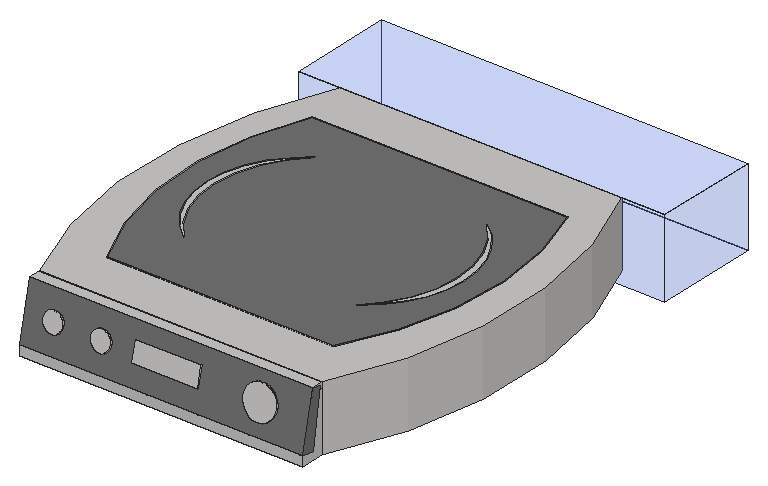
Revit family "QF_Vollrath 59510P", category Specialty Equipment, Revit 2016
Family settings
  Part Type = Normal
  Round Connector Dimension = Use Diameter
  OmniClass Number = 23.40.40.14.17.14
  OmniClass Title = Hot Plates
  Work Plane-Based = No
  Always vertical = Yes
  Cut with Voids When Loaded = No
  Shared = No
  Room Calculation Point = No
Parameters (values of type "59510P")
  Weight in Pounds = 13.65
  Watts = 1400 W
  Watermarked By = "http://revitwatermark.com"
  Volts = 120 V
  URL Cutsheet = ""
  URL = "www.vollrathco.com"
  Status [instance] = ""
  Specification by User [instance] = ""
  Specification by Manufacturer = ""
  Serial Number [instance] = ""
  Seismic Rating [instance] = ""
  Revision Code [instance] = ""
  Phase = 1
  Number of Poles [instance] = 1
  NAFEM Spec ID Number [instance] = ""
  Model = "59510P"
  Masterspec = ""
  Manufacturer = "Vollrath"
  Item Number [instance] = ""
  Installed By [instance] = ""
  Height AFF [instance] = 3' - 0"
  Furnished By [instance] = ""
  Foodservice Equipment Identifier [instance] = yes
  FL Amps = 12 A
  Electrical Remarks [instance] = ""
  Electric Connection Type [instance] = ""
  Elec Conn RI Height [instance] = 0' - 0"
  Elec Conn Connection Height = 0' - 2"
  Description = "Induction Range, Countertop"
  Cycle = 60 Hz
  Conn Plug = "NEMA 5-15P"
  CSI MasterFormat = "11 42 13"
  Assembly Code = "E1090320"
  Apparent Power = if(Phase = 3, Volts * FL Amps * 1.73, Volts * FL Amps)  # 1440 VA
Reference planes (in)
  plane 1: z = 0
  plane 2 "LEFT": x = 48
  plane 3 "BACK": y = -48.065
  plane 4 "BOTTOM": z = 36
  plane 5 "FRONT": y = -63.315
  plane 6 "TOP": z = 39
  plane 7: y = -44.065
  plane 8 "RIGHT": x = 62
  plane 9: z = 36.5
  plane 10: z = 26
  plane 11: x = 50
Forms (in)
  Extrusion 1, solid, material "QF_Finishes_Stainless Steel"
    sketch origin (0, 0, 0) x (1, 0, 0) y (0, 1, 0)
      loop
        line (50.6012, -60.49075) -> (59.26879, -60.49075)
        arc (59.26879, -60.49075) -> (60.7812, -55.30043) -> (59.81973, -49.98043) r 11.79794
        line (59.81973, -49.98043) -> (50.05026, -49.98043)
        arc (50.05026, -49.98043) -> (49.08879, -55.30043) -> (50.6012, -60.49075) r 11.79794
      loop
        line (60.36999, -48.065) -> (49.56, -48.065)
        arc (49.56, -48.065) -> (47.95254, -55.22951) -> (49.56, -62.39402) r 16.77005
        line (49.56, -62.39402) -> (60.36999, -62.39402)
        arc (60.36999, -62.39402) -> (62.0733, -55.22951) -> (60.36999, -48.065) r 15.91951
    from 36.5 to 39
  Extrusion 2, solid, material "QF_Finishes_Grey"
    sketch origin (0, 0, 0) x (1, 0, 0) y (0, 1, 0)
      loop
        arc (50.05026, -49.98043) -> (49.08879, -55.30043) -> (50.6012, -60.49075) r 11.79794
        line (50.6012, -60.49075) -> (59.26879, -60.49075)
        arc (59.26879, -60.49075) -> (60.7812, -55.30043) -> (59.81973, -49.98043) r 11.79794
        line (59.81973, -49.98043) -> (50.05026, -49.98043)
      loop
        arc (51.64059, -58.08067) -> (50.30465, -54.95567) -> (51.64059, -51.83067) r 4.32294
        arc (51.64059, -51.83067) -> (50.04212, -54.95567) -> (51.64059, -58.08067) r 3.85391
      loop
        arc (58.2294, -58.08067) -> (59.82788, -54.95567) -> (58.2294, -51.83067) r 3.85391
        arc (58.2294, -51.83067) -> (59.56534, -54.95567) -> (58.2294, -58.08067) r 4.32294
    from 36.5 to 39
  Extrusion 3, solid, material "QF_Finishes_Stainless Steel"
    sketch origin (0, -1, 0) x (1, 0, 0) y (0, 1, 0)
      loop
        arc (58.2294, -57.08067) -> (59.82788, -53.95567) -> (58.2294, -50.83067) r 3.85391
        arc (58.2294, -50.83067) -> (59.56534, -53.95567) -> (58.2294, -57.08067) r 4.32294
      loop
        arc (51.64059, -50.83067) -> (50.04212, -53.95567) -> (51.64059, -57.08067) r 3.85391
        arc (51.64059, -57.08067) -> (50.30465, -53.95567) -> (51.64059, -50.83067) r 4.32294
    from 36.5 to 39
  Extrusion 4, solid, material "QF_Finishes_Stainless Steel"
    sketch origin (0, 0, 0) x (1, 0, 0) y (0, 1, 0)
      loop
        circle (50.00787, -48.71869) r 0.25
      loop
        circle (59.75787, -48.71869) r 0.25
      loop
        circle (59.75787, -59.21869) r 0.25
      loop
        circle (50.14153, -59.21869) r 0.25
    from 36 to 36.5
  Extrusion 5, solid, material "QF_Finishes_Stainless Steel"
    sketch origin (48, 0.00545, 0.03878) x (0, 1, 0) y (0, 0, 1)
      loop
        line (-62.86202, 38.96122) -> (-62.47623, 38.89663) -> (-62.77961, 36.73791) -> (-63.32045, 36.83193) -> (-63.32045, 36.46122) -> (-62.39947, 36.46122) -> (-62.39947, 38.96122) -> (-62.86202, 38.96122)
    from 1.56 to 12.36999
  Extrusion 6, solid, material "QF_Finishes_Stainless Steel"
    sketch origin (0, -53.66876, 20.05309) x (1, 0, 0) y (0, 0.210477, 0.977599)
      loop
        circle (58.56, 15.52979) r 0.6417
      loop
        line (56.23101, 15.95768) -> (53.73101, 15.95768) -> (53.73101, 15.20768) -> (56.23101, 15.20768) -> (56.23101, 15.95768)
      loop
        circle (52.47736, 15.49961) r 0.38574
      loop
        circle (50.64511, 15.49961) r 0.38574
    from 12.96987 to 13
  Extrusion 7, solid, material "QF_Finishes_Grey"
    sketch origin (48, 0, 0) x (0, 1, 0) y (0, 0, 1)
      loop
        line (-62.85656, 39) -> (-63.315, 36.87071) -> (-62.77416, 36.7767) -> (-62.47078, 38.93541) -> (-62.85656, 39)
    from 1.56 to 12.36999
  Extrusion 8, solid, material "QF_Finishes_Clearances"
    sketch origin (0, 0, 0) x (1, 0, 0) y (0, 1, 0)
      loop
        line (62, -48.065) -> (62, -44.065) -> (48, -44.065) -> (48, -48.065) -> (62, -48.065)
    from 36 to 39
  Extrusion 9, solid, material "QF_Finishes_Stainless Steel"
    sketch origin (0, -48.065, 0) x (1, 0, 0) y (0, 0, 1)
      loop
        circle (50, 38) r 0.25
    from -0.20681 to 0
Lines and regions (in)
  symbolic lines
    curve 1: arc (49.56, -48.065, 0) -> (47.95254, -55.22951, 0) -> (49.56, -62.39402, 0) r 16.77005
    curve 2: arc (50.05026, -49.98043, 0) -> (49.08879, -55.30043, 0) -> (50.6012, -60.49075, 0) r 11.79794
    curve 3: line (50.6012, -60.49075, 0) -> (59.26879, -60.49075, 0)
    curve 4: arc (51.64059, -58.08067, 0) -> (50.30465, -54.95567, 0) -> (51.64059, -51.83067, 0) r 4.32294
    curve 5: arc (51.64059, -51.83067, 0) -> (50.04212, -54.95567, 0) -> (51.64059, -58.08067, 0) r 3.85391
    curve 6: arc (58.2294, -51.83067, 0) -> (59.56534, -54.95567, 0) -> (58.2294, -58.08067, 0) r 4.32294
    curve 7: arc (58.2294, -58.08067, 0) -> (59.82788, -54.95567, 0) -> (58.2294, -51.83067, 0) r 3.85391
    curve 8: arc (59.26879, -60.49075, 0) -> (60.7812, -55.30043, 0) -> (59.81973, -49.98043, 0) r 11.79794
    curve 9: line (59.81973, -49.98043, 0) -> (50.05026, -49.98043, 0)
    curve 10: arc (60.36999, -62.39402, 0) -> (62.0733, -55.22951, 0) -> (60.36999, -48.065, 0) r 15.91951
    curve 11: line (60.36999, -62.39402, 0) -> (49.56, -62.39402, 0)
    curve 12: line (60.36999, -63.315, 0) -> (60.36999, -62.39402, 0)
    curve 13: line (49.56, -62.39402, 0) -> (49.56, -63.315, 0)
    curve 14: line (49.56, -63.315, 0) -> (60.36999, -63.315, 0)
    curve 15: line (60.36999, -48.065, 0) -> (49.56, -48.065, 0)
Dimensions and locks (in)
  "Height AFF": plane 4 "BOTTOM" to level
  plane 5 "FRONT" to plane 3 "BACK" = 1' - 3 1/4"
  locked: plane 3 "BACK" to plane 7 at 4
  plane 2 "LEFT" to plane 8 "RIGHT" = 1' - 2"
  locked: plane 9 to plane 4 "BOTTOM" at 0.5
  locked: plane 6 "TOP" to plane 9 at 2.5
  locked: Extrusion 6 to plane 4 "BOTTOM" at 1.6563
  locked: plane 4 "BOTTOM" to Extrusion 9 sketch curve at 2
  aligned and locked: level to plane 1
  aligned and locked: plane 6 "TOP" to Extrusion 2
  aligned and locked: Extrusion 1 to Extrusion 2
  aligned and locked: Extrusion 1 to Extrusion 3
  aligned and locked: plane 6 "TOP" to Extrusion 3
  aligned and locked: plane 6 "TOP" to Extrusion 1
  aligned and locked: Extrusion 1 to Extrusion 4
  aligned and locked: plane 6 "TOP" to Extrusion 5
  aligned and locked: Extrusion 4 to plane 4 "BOTTOM"
  aligned and locked: Extrusion 1 to plane 9
  aligned and locked: Extrusion 2 to plane 9
  aligned and locked: Extrusion 1 to plane 6 "TOP"
  aligned and locked: plane 6 "TOP" to Extrusion 5 sketch curve
  aligned and locked: Extrusion 5 sketch curve to plane 9
  aligned and locked: Extrusion 5 sketch curve to plane 5 "FRONT"
  aligned and locked: Extrusion 5 sketch curve to Extrusion 1
  aligned and locked: Extrusion 7 sketch curve to Extrusion 5  (x3)
  aligned and locked: Extrusion 5 to Extrusion 7
  aligned and locked: Extrusion 7 to Extrusion 5
  aligned and locked: plane 6 "TOP" to Extrusion 8
  aligned and locked: Extrusion 8 to plane 4 "BOTTOM"
Automatic sketch dimensions
  plane 3 "BACK" to Extrusion 1 sketch curve = 0' - 0"
  Extrusion 1 sketch curve to plane 2 "LEFT" = 0' - 1.84621"
  plane 2 "LEFT" to Extrusion 1 sketch curve = 0' - 0.99944"
  plane 2 "LEFT" to Extrusion 1 sketch curve = 0' - 1.56"  (x2)
  Extrusion 1 sketch curve to Extrusion 1 sketch curve = 0' - 0.49027"
  Extrusion 1 sketch curve to Extrusion 1 sketch curve = 0' - 1.04121"
  plane 8 "RIGHT" to Extrusion 1 sketch curve = 0' - 2.73121"
  plane 3 "BACK" to Extrusion 1 sketch curve = 0' - 1.91543"
  plane 8 "RIGHT" to Extrusion 1 sketch curve = 0' - 2.18027"
  plane 8 "RIGHT" to Extrusion 1 sketch curve = 0' - 1.63001"  (x2)
  plane 5 "FRONT" to Extrusion 1 sketch curve = 0' - 0.92098"
  plane 8 "RIGHT" to Extrusion 1 sketch curve = 0' - 1.12944"
  Extrusion 1 sketch curve to plane 8 "RIGHT" = 0' - 2.72259"
  Extrusion 1 sketch curve to Extrusion 1 sketch curve = 0' - 1.90328"
  plane 2 "LEFT" to Extrusion 2 sketch curve = 0' - 0.99944"
  plane 2 "LEFT" to Extrusion 2 sketch curve = 0' - 2.05026"
  plane 2 "LEFT" to Extrusion 2 sketch curve = 0' - 2.6012"
  Extrusion 2 sketch curve to Extrusion 2 sketch curve = 0' - 1.59032"
  Extrusion 2 sketch curve to Extrusion 2 sketch curve = 0' - 1.03938"  (x2)
  Extrusion 2 sketch curve to Extrusion 2 sketch curve = 0' - 2.25544"
  Extrusion 2 sketch curve to Extrusion 2 sketch curve = 0' - 0.73156"  (x2)
  Extrusion 2 sketch curve to Extrusion 2 sketch curve = 0' - 0.61482"
  plane 8 "RIGHT" to Extrusion 2 sketch curve = 0' - 3.7706"  (x2)
  plane 3 "BACK" to Extrusion 2 sketch curve = 0' - 1.91543"
  plane 8 "RIGHT" to Extrusion 2 sketch curve = 0' - 2.18027"
  plane 8 "RIGHT" to Extrusion 2 sketch curve = 0' - 1.12944"
  Extrusion 2 sketch curve to Extrusion 2 sketch curve = 0' - 1.85024"  (x2)
  Extrusion 2 sketch curve to Extrusion 2 sketch curve = 0' - 2.85217"
  Extrusion 2 sketch curve to Extrusion 2 sketch curve = 0' - 3 1/8"
  Extrusion 2 sketch curve to Extrusion 2 sketch curve = 0' - 0"
  plane 2 "LEFT" to Extrusion 3 sketch curve = 0' - 3.64059"  (x2)
  Extrusion 3 sketch curve to Extrusion 3 sketch curve = 0' - 2.25544"
  Extrusion 3 sketch curve to Extrusion 3 sketch curve = 0' - 0.73156"  (x2)
  Extrusion 3 sketch curve to Extrusion 3 sketch curve = 0' - 0.61482"
  plane 8 "RIGHT" to Extrusion 3 sketch curve = 0' - 3.7706"  (x2)
  plane 5 "FRONT" to Extrusion 3 sketch curve = 0' - 5.23433"  (x2)
  Extrusion 3 sketch curve to Extrusion 3 sketch curve = 0' - 3 1/8"
  Extrusion 3 sketch curve to Extrusion 3 sketch curve = 0' - 0"
  plane 3 "BACK" to Extrusion 4 sketch curve = 0' - 0.65369"  (x2)
  plane 2 "LEFT" to Extrusion 4 sketch curve = 0' - 2.00787"
  plane 2 "LEFT" to Extrusion 4 sketch curve = 0' - 2.14153"
  plane 8 "RIGHT" to Extrusion 4 sketch curve = 0' - 2.24213"  (x2)
  plane 5 "FRONT" to Extrusion 4 sketch curve = 0' - 4.09631"  (x2)
  plane 5 "FRONT" to Extrusion 5 sketch curve = 0' - 0.45844"
  Extrusion 5 sketch curve to Extrusion 5 sketch curve = 0' - 0.38014"
  Extrusion 5 sketch curve to plane 6 "TOP" = 0' - 0.06459"
  Extrusion 5 sketch curve to Extrusion 5 sketch curve = 0' - 0.07675"
  plane 9 to Extrusion 5 sketch curve = 0' - 0.2767"
  Extrusion 5 sketch curve to Extrusion 5 sketch curve = 0' - 0.37071"
  Extrusion 7 sketch curve to plane 5 "FRONT" = 0' - 0"
  Extrusion 7 sketch curve to plane 6 "TOP" = 0' - 0"
  Extrusion 6 sketch curve to Extrusion 6 sketch curve = 0' - 0"  (x7)
  plane 2 "LEFT" to Extrusion 6 sketch curve = 0' - 2.25937"
  Extrusion 6 sketch curve to Extrusion 6 sketch curve = 0' - 0.38574"  (x2)
  Extrusion 6 sketch curve to Extrusion 6 sketch curve = 0' - 1.06078"
  Extrusion 6 sketch curve to Extrusion 6 sketch curve = 0' - 0.86791"
  Extrusion 6 sketch curve to Extrusion 6 sketch curve = 0' - 2 1/2"
  Extrusion 6 sketch curve to Extrusion 6 sketch curve = 0' - 1.6873"
  Extrusion 6 sketch curve to Extrusion 6 sketch curve = 0' - 0.6417"
  Extrusion 6 sketch curve to Extrusion 6 sketch curve = 0' - 0.29194"
  Extrusion 6 sketch curve to Extrusion 6 sketch curve = 0' - 0.32212"
  Extrusion 6 sketch curve to Extrusion 6 sketch curve = 0' - 0 3/4"
  Extrusion 8 sketch curve to plane 2 "LEFT" = 0' - 0"
  Extrusion 8 sketch curve to plane 7 = 0' - 0"
  Extrusion 8 sketch curve to plane 8 "RIGHT" = 0' - 0"
  plane 3 "BACK" to Extrusion 8 sketch curve = 0' - 0"
  Extrusion 9 sketch curve to plane 11 = 0' - 0"
  plane 3 "BACK" to curve 1 = 0' - 0"
  curve 1 to plane 11 = 0' - 0.44"  (x2)
  plane 11 to curve 2 = 0' - 0.05026"
  plane 11 to curve 3 = 0' - 0.6012"
  plane 8 "RIGHT" to curve 3 = 0' - 2.73121"
  plane 8 "RIGHT" to curve 2 = 0' - 1.12944"
  curve 1 to plane 8 "RIGHT" = 0' - 2.72259"
  plane 3 "BACK" to curve 2 = 0' - 1.91543"
  curve 1 to curve 2 = 0' - 0.54667"
  plane 11 to curve 5 = 0' - 1.64059"  (x2)
  curve 4 to curve 5 = 0' - 2.25544"
  curve 5 to curve 4 = 0' - 0.73156"
  curve 2 to curve 5 = 0' - 2.41008"
  curve 4 to curve 4 = 0' - 3 1/8"
  curve 4 to curve 6 = 0' - 0.61482"
  curve 6 to curve 7 = 0' - 0.73156"
  curve 7 to curve 3 = 0' - 1.03938"
  plane 8 "RIGHT" to curve 7 = 0' - 3.7706"
  curve 3 to curve 7 = 0' - 2.41008"
  curve 4 to curve 6 = 0' - 0"
  plane 2 "LEFT" to curve 8 = 0' - 0.99944"
  plane 8 "RIGHT" to curve 8 = 0' - 2.18027"
  curve 8 to curve 4 = 0' - 2.85217"
  curve 10 to plane 2 "LEFT" = 0' - 1.84621"
  plane 8 "RIGHT" to curve 10 = 0' - 1.63001"  (x2)
  curve 13 to plane 5 "FRONT" = 0' - 0"
  radius of Extrusion 4 sketch curve = 0' - 0 1/4"  (x4)
  radius of Extrusion 9 sketch curve = 0' - 0 1/4"
Connectors (in)
  electrical at (50, -47.85819, 38), driven by "Volts", driven by "Apparent Power"
    settings: on Extrusion 9, index 1, voltage 120 V, apparent load 1440 VA, apparent load phase1 0 VA, apparent load phase2 0 VA, apparent load phase3 0 VA, power factor 1, load classification "Other", number of poles 1, system type 30, power factor state 1, is connector primary yes, connector utility no, sub classification motor no, connector description "Electric Connection"
